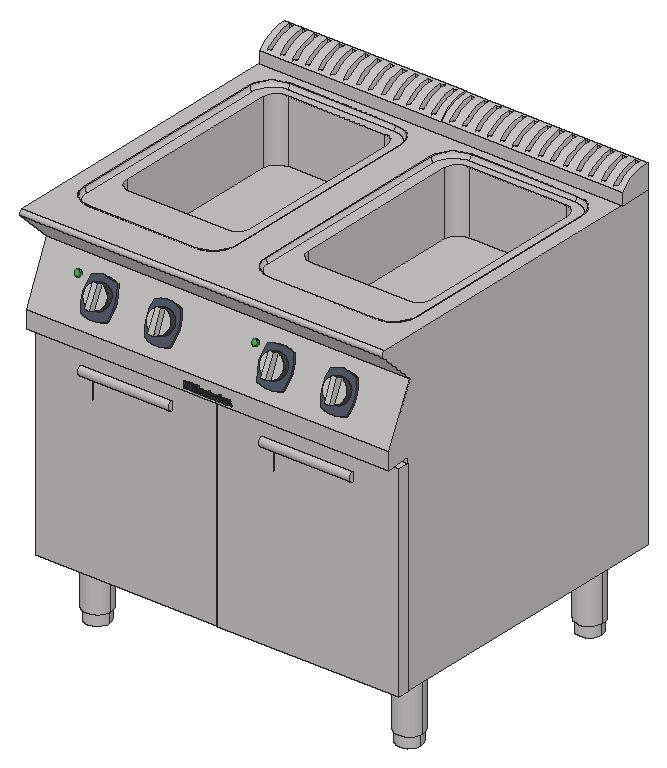
Revit family "QF_ELECTROLUXPROFESSIONAL_371442_E7OOBTBAMEI", category Attrezzature speciali, Revit 2018
Family settings
  Quota connettore circolare = Usa diametro
  Tipo di parte = Normale
  Basato su piano di lavoro = No
  Sempre verticale = Sì
  Taglio con vuoti quando caricato = No
  Condiviso = No
  Punto di calcolo locali = No
Parameters (values of type "Standard")
  Weight = 65.00 kg
  Watts = 0 W
  Volts = 0 V
  URL Manufacturer = "https://www.electroluxprofessional.com/"
  URL = "https://www.electroluxprofessional.com/"
  Steam Supply Size = 0"
  Steam Supply Minimum Pressure = 0.00 psi
  Steam Supply Maximum Pressure = 0.00 psi
  Steam Consumption per Hour = 0
  Show Logo [instance] = yes
  Show Clearance [instance] = yes
  Refrigeration Suction Line Size = 0 mm
  Refrigeration Liquid Line Size = 0 mm
  Refrigerant Compressor Remote = yes
  Phase = 0
  Modello = "E7OOBTBAMEI"
  Produttore = "Electrolux Professional"
  Length Actual = 800 mm  # constant formula
  Item Number = "371442"
  Hot Water Size = 0"
  Height Actual = 850 mm  # constant formula
  HP = "0 HP"
  Gas Size = 1/2"
  Gas KW = 23
  Gas Input Pressure = 0.672036 Btu/h
  Direct Waste Size = 1"
  Descrizione = "2-WELL GAS PASTA COOKER 2X24,5 LT 800MM - QMARK"
  Depth Actual = 730 mm  # constant formula
  Cycle = 0 Hz
  Condensate Return Size = 0"
  Compressed Air Volume = 0 GPM
  Compressed Air Size = 0"
  Compressed Air Pressure = 0.00 psi
  Cold Water Size = 1/2"
  Base Height [instance] = 150 mm  # constant formula
  Accessory = yes
Values of the unnamed type that differ from the named types
  Weight = 0.00 kg
  URL Manufacturer = ""
  Item Number = ""
  HP = ""
  Gas KW = 0
  Gas Input Pressure = 0.0 Btu/h
Reference planes
  plane 1 "BACK": y = 0
  plane 2: z = 0
  plane 3 "LEFT": x = 0
  plane 4 "RIGHT": x = 800
  plane 5 "FRONT": y = -730
  plane 6 "TOP": z = 905.238
  plane 7 "Center Y": x = 400
  plane 8 "Center X": y = -365
  plane 9 "BASE": z = 601
  plane 10 "TOP A": z = 850.238
  plane 11: y = -597.884
  plane 12: y = -147.637
  plane 13: z = 942.313
  plane 14: z = 150
Forms (mm)
  Extrusion 1, solid, material "QF_Finishes_Stainless Steel"
    sketch origin (0, 0, 0) x (0, 1, 0) y (0, 0, 1)
      loop
        line (0, 850.237) -> (-725.027, 850.237)
        arc (-725.027, 850.237) -> (-730.893, 846.318) -> (-729.517, 839.397) r 6.35
        line (-729.517, 839.397) -> (-657.416, 767.047) -> (-713.522, 646.19) -> (-713.522, 608.09) -> (-660.4, 613.7) -> (-660.4, 150) -> (0, 150) -> (0, 850.237)
      loop
        line (-661.987, 601) -> (-687.387, 601) -> (-687.387, 150) -> (-661.987, 150) -> (-661.987, 601)
    from 0 to 800
  Extrusion 2, solid, material "QF_Finishes_Stainless Steel"
    sketch origin (0, 0, 0) x (0, 1, 0) y (0, 0, 1)
      loop
        line (0, 850.237) -> (0, 905.237)
        arc (0, 905.237) -> (-38.078, 897.879) -> (-69.85, 875.637) r 93.057
        line (-69.85, 875.637) -> (-69.85, 850.237) -> (0, 850.237)
    from 0 to 800
  Extrusion 3, void
    sketch origin (0, 0, 850.238) x (-1, 0, 0) y (0, -1, 0)
      loop
        arc (-316.662, 645.265) -> (-352.018, 630.62) -> (-366.662, 595.265) r 50
        line (-366.662, 595.265) -> (-366.662, 140.124)
        arc (-366.662, 140.124) -> (-352.018, 104.769) -> (-316.662, 90.124) r 50
        line (-316.662, 90.124) -> (-83.338, 90.124)
        arc (-83.338, 90.124) -> (-47.982, 104.769) -> (-33.338, 140.124) r 50
        line (-33.338, 140.124) -> (-33.338, 595.265)
        arc (-33.338, 595.265) -> (-47.982, 630.62) -> (-83.338, 645.265) r 50
        line (-83.338, 645.265) -> (-316.662, 645.265)
      loop
        line (-483.337, 645.265) -> (-716.662, 645.265)
        arc (-716.662, 645.265) -> (-752.018, 630.62) -> (-766.662, 595.265) r 50
        line (-766.662, 595.265) -> (-766.662, 140.124)
        arc (-766.662, 140.124) -> (-752.018, 104.769) -> (-716.662, 90.124) r 50
        line (-716.662, 90.124) -> (-483.337, 90.124)
        arc (-483.337, 90.124) -> (-447.982, 104.769) -> (-433.337, 140.124) r 50
        line (-433.337, 140.124) -> (-433.337, 595.265)
        arc (-433.337, 595.265) -> (-447.982, 630.62) -> (-483.337, 645.265) r 50
    from 0 to -152.4
  Extrusion 4, void
    sketch origin (0, 0, 850.238) x (-1, 0, 0) y (0, -1, 0)
      loop
        line (-13.453, 6.761) -> (-13.453, 63.911) -> (-22.749, 63.911) -> (-22.749, 6.761) -> (-13.453, 6.761)
    from 25.4 to 63.5
  Extrusion 5, solid, material "QF_Finishes_Navy Blue"
    sketch origin (75, -713.522, 646.19) x (0, 0.421077, 0.907025) y (-1, 0, 0)
      loop
        arc (101.077, -565.788) -> (66.2, -558.771) -> (31.333, -565.832) r 89.894
        arc (31.333, -565.832) -> (24.638, -594.363) -> (31.333, -622.893) r 64.14
        arc (31.333, -622.893) -> (66.2, -629.955) -> (101.077, -622.938) r 89.894
        arc (101.077, -622.938) -> (107.792, -594.363) -> (101.077, -565.788) r 64.16
      loop
        arc (101.077, -176.921) -> (66.2, -169.907) -> (31.333, -176.965) r 89.935
        arc (31.333, -176.965) -> (24.618, -205.54) -> (31.333, -234.115) r 64.16
        arc (31.333, -234.115) -> (66.2, -241.17) -> (101.077, -234.16) r 89.976
        arc (101.077, -234.16) -> (107.812, -205.54) -> (101.077, -176.921) r 64.179
      loop
        arc (101.077, -425.788) -> (66.2, -418.771) -> (31.333, -425.832) r 89.894
        arc (31.333, -425.832) -> (24.638, -454.363) -> (31.333, -482.893) r 64.14
        arc (31.333, -482.893) -> (66.2, -489.955) -> (101.077, -482.938) r 89.894
        arc (101.077, -482.938) -> (107.792, -454.363) -> (101.077, -425.788) r 64.16
      loop
        arc (101.077, -36.921) -> (66.2, -29.904) -> (31.333, -36.965) r 89.894
        arc (31.333, -36.965) -> (24.638, -65.496) -> (31.333, -94.027) r 64.14
        arc (31.333, -94.027) -> (66.2, -101.092) -> (101.077, -94.071) r 89.853
        arc (101.077, -94.071) -> (107.792, -65.496) -> (101.077, -36.921) r 64.16
    from 0 to 3.175
  Extrusion 6, solid, material "QF_Finishes_Stainless Steel"
    sketch origin (75, -716.402, 647.527) x (0, 0.421077, 0.907025) y (-1, 0, 0)
      loop
        circle (68.826, -594.351) r 25.4
      loop
        circle (68.826, -205.413) r 25.4
      loop
        circle (68.826, -454.351) r 25.4
      loop
        circle (68.826, -65.528) r 25.4
    from 0 to 12.7
  Extrusion 7, solid, material "QF_Finishes_Stainless Steel"
    sketch origin (75, -727.921, 652.875) x (0, 0.421077, 0.907025) y (-1, 0, 0)
      loop
        arc (93.558, -600.137) -> (94.226, -594.351) -> (93.558, -588.564) r 25.4
        line (93.558, -588.564) -> (44.094, -588.564)
        arc (44.094, -588.564) -> (43.426, -594.351) -> (44.094, -600.137) r 25.4
        line (44.094, -600.137) -> (93.558, -600.137)
      loop
        arc (93.558, -211.199) -> (94.226, -205.413) -> (93.558, -199.627) r 25.4
        line (93.558, -199.627) -> (44.094, -199.627)
        arc (44.094, -199.627) -> (43.426, -205.413) -> (44.094, -211.199) r 25.4
        line (44.094, -211.199) -> (93.558, -211.199)
      loop
        arc (93.558, -460.137) -> (94.226, -454.351) -> (93.558, -448.564) r 25.4
        line (93.558, -448.564) -> (44.094, -448.564)
        arc (44.094, -448.564) -> (43.426, -454.351) -> (44.094, -460.137) r 25.4
        line (44.094, -460.137) -> (93.558, -460.137)
      loop
        arc (93.558, -71.314) -> (94.226, -65.528) -> (93.558, -59.742) r 25.4
        line (93.558, -59.742) -> (44.094, -59.742)
        arc (44.094, -59.742) -> (43.426, -65.528) -> (44.094, -71.314) r 25.4
        line (44.094, -71.314) -> (93.558, -71.314)
    from 0 to 12.7
  Extrusion 8, solid, material "QF_Finishes_Green"
    sketch origin (-55, -713.522, 646.19) x (0, 0.421077, 0.907025) y (-1, 0, 0)
      loop
        circle (93.566, -530.485) r 6.35
      loop
        circle (93.566, -138.473) r 6.35
    from 0 to 3.175
  Extrusion 9, solid, material "QF_Finishes_Clearance", visible <- "Show Clearance", detail levels coarse
    sketch origin (0, 0, 0) x (1, 0, 0) y (0, 1, 0)
      loop
        line (0, -731.377) -> (0, 0) -> (800, 0) -> (800, -731.377) -> (950.019, -731.377) -> (950.019, 150.019) -> (-150.019, 150.019) -> (-150.019, -731.377) -> (0, -731.377)
    from 0 to 905.237
  Extrusion 10, void
    sketch origin (361.95, 0, 850.237) x (-1, 0, 0) y (0, -1, 0)
      loop
        line (-13.403, 6.761) -> (-13.403, 63.911) -> (-22.699, 63.911) -> (-22.699, 6.761) -> (-13.403, 6.761)
    from 25.4 to 63.5
  Extrusion 11, void
    sketch origin (27.842, 0, 850.238) x (-1, 0, 0) y (0, -1, 0)
      loop
        line (-13.453, 6.761) -> (-13.453, 63.911) -> (-22.749, 63.911) -> (-22.749, 6.761) -> (-13.453, 6.761)
    from 25.4 to 63.5
  Extrusion 12, void
    sketch origin (55.685, 0, 850.238) x (-1, 0, 0) y (0, -1, 0)
      loop
        line (-13.453, 6.761) -> (-13.453, 63.911) -> (-22.749, 63.911) -> (-22.749, 6.761) -> (-13.453, 6.761)
    from 25.4 to 63.5
  Extrusion 13, void
    sketch origin (83.527, 0, 850.238) x (-1, 0, 0) y (0, -1, 0)
      loop
        line (-13.453, 6.761) -> (-13.453, 63.911) -> (-22.749, 63.911) -> (-22.749, 6.761) -> (-13.453, 6.761)
    from 25.4 to 63.5
  Extrusion 14, void
    sketch origin (111.369, 0, 850.237) x (-1, 0, 0) y (0, -1, 0)
      loop
        line (-13.453, 6.761) -> (-13.453, 63.911) -> (-22.749, 63.911) -> (-22.749, 6.761) -> (-13.453, 6.761)
    from 25.4 to 63.5
  Extrusion 15, void
    sketch origin (139.212, 0, 850.237) x (-1, 0, 0) y (0, -1, 0)
      loop
        line (-13.453, 6.761) -> (-13.453, 63.911) -> (-22.749, 63.911) -> (-22.749, 6.761) -> (-13.453, 6.761)
    from 25.4 to 63.5
  Extrusion 16, void
    sketch origin (167.054, 0, 850.237) x (-1, 0, 0) y (0, -1, 0)
      loop
        line (-13.453, 6.761) -> (-13.453, 63.911) -> (-22.749, 63.911) -> (-22.749, 6.761) -> (-13.453, 6.761)
    from 25.4 to 63.5
  Extrusion 17, void
    sketch origin (194.896, 0, 850.237) x (-1, 0, 0) y (0, -1, 0)
      loop
        line (-13.403, 6.761) -> (-13.403, 63.911) -> (-22.699, 63.911) -> (-22.699, 6.761) -> (-13.403, 6.761)
    from 25.4 to 63.5
  Extrusion 18, void
    sketch origin (222.738, 0, 850.237) x (-1, 0, 0) y (0, -1, 0)
      loop
        line (-13.403, 6.761) -> (-13.403, 63.911) -> (-22.699, 63.911) -> (-22.699, 6.761) -> (-13.403, 6.761)
    from 25.4 to 63.5
  Extrusion 19, void
    sketch origin (250.581, 0, 850.237) x (-1, 0, 0) y (0, -1, 0)
      loop
        line (-13.403, 6.761) -> (-13.403, 63.911) -> (-22.699, 63.911) -> (-22.699, 6.761) -> (-13.403, 6.761)
    from 25.4 to 63.5
  Extrusion 20, void
    sketch origin (278.423, 0, 850.237) x (-1, 0, 0) y (0, -1, 0)
      loop
        line (-13.403, 6.761) -> (-13.403, 63.911) -> (-22.699, 63.911) -> (-22.699, 6.761) -> (-13.403, 6.761)
    from 25.4 to 63.5
  Extrusion 21, void
    sketch origin (306.265, 0, 850.237) x (-1, 0, 0) y (0, -1, 0)
      loop
        line (-13.403, 6.761) -> (-13.403, 63.911) -> (-22.699, 63.911) -> (-22.699, 6.761) -> (-13.403, 6.761)
    from 25.4 to 63.5
  Extrusion 22, void
    sketch origin (334.108, 0, 850.237) x (-1, 0, 0) y (0, -1, 0)
      loop
        line (-13.403, 6.761) -> (-13.403, 63.911) -> (-22.699, 63.911) -> (-22.699, 6.761) -> (-13.403, 6.761)
    from 25.4 to 63.5
  Extrusion 23, void
    sketch origin (800.1, 0, 850.237) x (1, 0, 0) y (0, 1, 0)
      loop
        line (-13.553, -6.761) -> (-22.849, -6.761) -> (-22.849, -63.911) -> (-13.553, -63.911) -> (-13.553, -6.761)
    from 25.4 to 63.5
  Extrusion 24, void
    sketch origin (438.15, 0, 850.237) x (1, 0, 0) y (0, 1, 0)
      loop
        line (-13.503, -6.761) -> (-22.799, -6.761) -> (-22.799, -63.911) -> (-13.503, -63.911) -> (-13.503, -6.761)
    from 25.4 to 63.5
  Extrusion 25, void
    sketch origin (772.258, 0, 850.237) x (1, 0, 0) y (0, 1, 0)
      loop
        line (-13.553, -6.761) -> (-22.849, -6.761) -> (-22.849, -63.911) -> (-13.553, -63.911) -> (-13.553, -6.761)
    from 25.4 to 63.5
  Extrusion 26, void
    sketch origin (744.415, 0, 850.237) x (1, 0, 0) y (0, 1, 0)
      loop
        line (-13.553, -6.761) -> (-22.849, -6.761) -> (-22.849, -63.911) -> (-13.553, -63.911) -> (-13.553, -6.761)
    from 25.4 to 63.5
  Extrusion 27, void
    sketch origin (716.573, 0, 850.237) x (1, 0, 0) y (0, 1, 0)
      loop
        line (-13.553, -6.761) -> (-22.849, -6.761) -> (-22.849, -63.911) -> (-13.553, -63.911) -> (-13.553, -6.761)
    from 25.4 to 63.5
  Extrusion 28, void
    sketch origin (688.731, 0, 850.237) x (1, 0, 0) y (0, 1, 0)
      loop
        line (-13.553, -6.761) -> (-22.849, -6.761) -> (-22.849, -63.911) -> (-13.553, -63.911) -> (-13.553, -6.761)
    from 25.4 to 63.5
  Extrusion 29, void
    sketch origin (660.888, 0, 850.237) x (1, 0, 0) y (0, 1, 0)
      loop
        line (-13.553, -6.761) -> (-22.849, -6.761) -> (-22.849, -63.911) -> (-13.553, -63.911) -> (-13.553, -6.761)
    from 25.4 to 63.5
  Extrusion 30, void
    sketch origin (633.046, 0, 850.237) x (1, 0, 0) y (0, 1, 0)
      loop
        line (-13.553, -6.761) -> (-22.849, -6.761) -> (-22.849, -63.911) -> (-13.553, -63.911) -> (-13.553, -6.761)
    from 25.4 to 63.5
  Extrusion 31, void
    sketch origin (605.204, 0, 850.237) x (1, 0, 0) y (0, 1, 0)
      loop
        line (-13.503, -6.761) -> (-22.799, -6.761) -> (-22.799, -63.911) -> (-13.503, -63.911) -> (-13.503, -6.761)
    from 25.4 to 63.5
  Extrusion 32, void
    sketch origin (577.362, 0, 850.237) x (1, 0, 0) y (0, 1, 0)
      loop
        line (-13.503, -6.761) -> (-22.799, -6.761) -> (-22.799, -63.911) -> (-13.503, -63.911) -> (-13.503, -6.761)
    from 25.4 to 63.5
  Extrusion 33, void
    sketch origin (549.519, 0, 850.237) x (1, 0, 0) y (0, 1, 0)
      loop
        line (-13.503, -6.761) -> (-22.799, -6.761) -> (-22.799, -63.911) -> (-13.503, -63.911) -> (-13.503, -6.761)
    from 25.4 to 63.5
  Extrusion 34, void
    sketch origin (521.677, 0, 850.237) x (1, 0, 0) y (0, 1, 0)
      loop
        line (-13.503, -6.761) -> (-22.799, -6.761) -> (-22.799, -63.911) -> (-13.503, -63.911) -> (-13.503, -6.761)
    from 25.4 to 63.5
  Extrusion 35, void
    sketch origin (493.835, 0, 850.237) x (1, 0, 0) y (0, 1, 0)
      loop
        line (-13.503, -6.761) -> (-22.799, -6.761) -> (-22.799, -63.911) -> (-13.503, -63.911) -> (-13.503, -6.761)
    from 25.4 to 63.5
  Extrusion 36, void
    sketch origin (465.992, 0, 850.237) x (1, 0, 0) y (0, 1, 0)
      loop
        line (-13.503, -6.761) -> (-22.799, -6.761) -> (-22.799, -63.911) -> (-13.503, -63.911) -> (-13.503, -6.761)
    from 25.4 to 63.5
  Extrusion 37, void
    sketch origin (418.151, 0, 850.237) x (1, 0, 0) y (0, 1, 0)
      loop
        line (-16.563, 0) -> (-19.738, 0) -> (-19.738, -69.85) -> (-16.563, -69.85) -> (-16.563, 0)
    from 25.4 to 63.5
  Extrusion 38, void
    sketch origin (0, -660.4, 601) x (0, 0, 1) y (-1, 0, 0)
      loop
        line (0, -398.363) -> (-451, -398.363) -> (-451, -401.538) -> (0, -401.538) -> (0, -398.363)
    from 0 to 27
  Extrusion 39, void
    sketch origin (200.025, 0, 0) x (0, 1, 0) y (0, 0, 1)
      loop
        line (-687.137, 541) -> (-687.137, 499.788) -> (-672.137, 541) -> (-687.137, 541)
    from -75 to 75
  Extrusion 40, solid, material "QF_Finishes_Stainless Steel"
    sketch origin (200.025, 0, 0) x (0, 1, 0) y (0, 0, 1)
      loop
        line (-687.137, 541) -> (-687.137, 561)
        arc (-687.137, 561) -> (-697.137, 551) -> (-687.137, 541) r 10
    from -100 to 100
  Extrusion 41, void
    sketch origin (600.075, 0, 0) x (0, 1, 0) y (0, 0, -1)
      loop
        line (-687.137, -541) -> (-672.137, -541) -> (-687.137, -499.788) -> (-687.137, -541)
    from -75 to 75
  Extrusion 42, solid, material "QF_Finishes_Stainless Steel"
    sketch origin (600.075, 0, 0) x (0, 1, 0) y (0, 0, -1)
      loop
        arc (-687.137, -541) -> (-697.137, -551) -> (-687.137, -561) r 10
        line (-687.137, -561) -> (-687.137, -541)
    from -100 to 100
  Revolve 43, solid, material "QF_Finishes_Stainless Steel"
    sketch origin (0, -587.387, 608.09) x (0, 0, 1) y (-1, 0, 0)
      loop
        line (-608.09, -56) -> (-458.09, -56) -> (-458.09, -26) -> (-583.09, -26) -> (-583.09, -29.75) -> (-608.09, -29.75) -> (-608.09, -56)
      axis (-608.09, -56) -> (-458.09, -56)
    angle from 0 to 360
  Revolve 44, solid, material "QF_Finishes_Stainless Steel"
    sketch origin (0, -90, 608.09) x (0, 0, 1) y (-1, 0, 0)
      loop
        line (-608.09, -56) -> (-458.09, -56) -> (-458.09, -26) -> (-583.09, -26) -> (-583.09, -29.75) -> (-608.09, -29.75) -> (-608.09, -56)
      axis (-608.09, -56) -> (-458.09, -56)
    angle from 0 to 360
  Revolve 45, solid, material "QF_Finishes_Stainless Steel"
    sketch origin (800.1, -587.387, 608.09) x (0, 0, 1) y (-1, 0, 0)
      loop
        line (-608.09, 56.1) -> (-608.09, 29.85) -> (-583.09, 29.85) -> (-583.09, 26.1) -> (-458.09, 26.1) -> (-458.09, 56.1) -> (-608.09, 56.1)
      axis (-608.09, 56.1) -> (-458.09, 56.1)
    angle from 0 to 360
  Revolve 46, solid, material "QF_Finishes_Stainless Steel"
    sketch origin (800.1, -90, 608.09) x (0, 0, 1) y (-1, 0, 0)
      loop
        line (-608.09, 56.1) -> (-608.09, 29.85) -> (-583.09, 29.85) -> (-583.09, 26.1) -> (-458.09, 26.1) -> (-458.09, 56.1) -> (-608.09, 56.1)
      axis (-608.09, 56.1) -> (-458.09, 56.1)
    angle from 0 to 360
  Extrusion 47, solid, material "QF_Finishes_Door Clearance", visible <- "Show Clearance", detail levels coarse
    sketch origin (0, 0, 850.238) x (-1, 0, 0) y (0, -1, 0)
      loop
        arc (-401.587, 687.137) -> (-518.28, 968.858) -> (-800, 1085.55) r 398.413
        line (-800, 1085.55) -> (-800, 687.137) -> (-401.587, 687.137)
      loop
        line (-398.412, 687.138) -> (0, 687.137) -> (0, 1085.55)
        arc (0, 1085.55) -> (-281.72, 968.858) -> (-398.412, 687.138) r 398.412
    from -700.237 to -249.237
  Extrusion 48, solid, material "QF_Finishes_Stainless Steel"
    sketch origin (-77.88, -4572, 150) x (-1, 0, 0) y (0, -1, 0)
      loop
        circle (-142.88, -4069) r 6.35
      loop
        circle (-709.88, -3991) r 12.7
      loop
        circle (-812.88, -4071) r 6.35
      loop
        circle (-309.88, -3991) r 12.7
    from 0 to -12.7
  Extrusion 49, solid, material "QF_Finishes_Stainless Steel"
    sketch origin (-77.88, -4572, 850.238) x (-1, 0, 0) y (0, -1, 0)
      loop
        line (-111.217, -4431.876) -> (-111.217, -3976.735)
        arc (-111.217, -3976.735) -> (-125.862, -3941.38) -> (-161.217, -3926.735) r 50
        line (-161.217, -3926.735) -> (-394.542, -3926.735)
        arc (-394.542, -3926.735) -> (-429.897, -3941.38) -> (-444.542, -3976.735) r 50
        line (-444.542, -3976.735) -> (-444.542, -4431.876)
        arc (-444.542, -4431.876) -> (-429.897, -4467.231) -> (-394.542, -4481.876) r 50
        line (-394.542, -4481.876) -> (-161.217, -4481.876)
        arc (-161.217, -4481.876) -> (-125.862, -4467.231) -> (-111.217, -4431.876) r 50
      loop
        arc (-414.542, -4431.876) -> (-405.755, -4453.089) -> (-384.542, -4461.876) r 30
        line (-384.542, -4461.876) -> (-171.217, -4461.876)
        arc (-171.217, -4461.876) -> (-150.004, -4453.089) -> (-141.217, -4431.876) r 30
        line (-141.217, -4431.876) -> (-141.217, -4056.735)
        arc (-141.217, -4056.735) -> (-150.004, -4035.522) -> (-171.217, -4026.735) r 30
        line (-171.217, -4026.735) -> (-384.542, -4026.735)
        arc (-384.542, -4026.735) -> (-405.755, -4035.522) -> (-414.542, -4056.735) r 30
        line (-414.542, -4056.735) -> (-414.542, -4431.876)
      loop
        arc (-844.542, -4431.876) -> (-829.897, -4467.231) -> (-794.542, -4481.876) r 50
        line (-794.542, -4481.876) -> (-561.217, -4481.876)
        arc (-561.217, -4481.876) -> (-525.862, -4467.231) -> (-511.217, -4431.876) r 50
        line (-511.217, -4431.876) -> (-511.217, -3976.735)
        arc (-511.217, -3976.735) -> (-525.862, -3941.38) -> (-561.217, -3926.735) r 50
        line (-561.217, -3926.735) -> (-794.542, -3926.735)
        arc (-794.542, -3926.735) -> (-829.897, -3941.38) -> (-844.542, -3976.735) r 50
        line (-844.542, -3976.735) -> (-844.542, -4431.876)
      loop
        line (-541.217, -4431.876) -> (-541.217, -4056.735)
        arc (-541.217, -4056.735) -> (-550.004, -4035.522) -> (-571.217, -4026.735) r 30
        line (-571.217, -4026.735) -> (-784.542, -4026.735)
        arc (-784.542, -4026.735) -> (-805.755, -4035.522) -> (-814.542, -4056.735) r 30
        line (-814.542, -4056.735) -> (-814.542, -4431.876)
        arc (-814.542, -4431.876) -> (-805.755, -4453.089) -> (-784.542, -4461.876) r 30
        line (-784.542, -4461.876) -> (-571.217, -4461.876)
        arc (-571.217, -4461.876) -> (-550.004, -4453.089) -> (-541.217, -4431.876) r 30
    from -12.7 to -152.4
  Sweep 50, solid, material "QF_Finishes_Stainless Steel"
    path origin (-77.88, -4572, 850.238) x (-1, 0, 0) y (0, -1, 0)
      loop
        line (-111.217, -4431.876) -> (-111.217, -3976.735)
        arc (-111.217, -3976.735) -> (-125.862, -3941.38) -> (-161.217, -3926.735) r 50
        line (-161.217, -3926.735) -> (-394.542, -3926.735)
        arc (-394.542, -3926.735) -> (-429.897, -3941.38) -> (-444.542, -3976.735) r 50
        line (-444.542, -3976.735) -> (-444.542, -4431.876)
        arc (-444.542, -4431.876) -> (-429.897, -4467.231) -> (-394.542, -4481.876) r 50
        line (-394.542, -4481.876) -> (-161.217, -4481.876)
        arc (-161.217, -4481.876) -> (-125.862, -4467.231) -> (-111.217, -4431.876) r 50
    profile origin (33.338, -367.694, 850.238) x (1, 0, 0) y (0, 0, 1)
      loop
        line (0, 0) -> (0, -10.84) -> (5.055, -10.84)
        arc (5.055, -10.84) -> (1.326, -5.98) -> (0, 0) r 14.151
  Sweep 51, solid, material "QF_Finishes_Stainless Steel"
    path origin (877.98, -4572, 850.237) x (1, 0, 0) y (0, 1, 0)
      loop
        arc (-111.317, 4431.876) -> (-125.962, 4467.231) -> (-161.317, 4481.876) r 50
        line (-161.317, 4481.876) -> (-394.642, 4481.876)
        arc (-394.642, 4481.876) -> (-429.997, 4467.231) -> (-444.642, 4431.876) r 50
        line (-444.642, 4431.876) -> (-444.642, 3976.735)
        arc (-444.642, 3976.735) -> (-429.997, 3941.38) -> (-394.642, 3926.735) r 50
        line (-394.642, 3926.735) -> (-161.317, 3926.735)
        arc (-161.317, 3926.735) -> (-125.962, 3941.38) -> (-111.317, 3976.735) r 50
        line (-111.317, 3976.735) -> (-111.317, 4431.876)
    profile origin (766.662, -367.694, 850.237) x (1, 0, 0) y (0, 0, 1)
      loop
        arc (0, 0) -> (-1.326, -5.98) -> (-5.055, -10.84) r 14.151
        line (-5.055, -10.84) -> (0, -10.84) -> (0, 0)
  Extrusion 52, solid, material "QF_Finishes_Navy Blue", visible <- "Show Logo"
    sketch origin (60.791, -713.772, 608.09) x (0, 0, 1) y (-1, 0, 0)
      loop
        line (20.674, -296.698) -> (8.307, -296.698)
        arc (8.307, -296.698) -> (14.491, -301.27) -> (20.674, -296.698) r 6.467
      loop
        arc (20.674, -296.069) -> (19.505, -290.926) -> (14.849, -288.448) r 6.338
        line (14.849, -288.448) -> (14.849, -290.494)
        arc (14.849, -290.494) -> (16.333, -294.149) -> (19.778, -296.069) r 5.941
        line (19.778, -296.069) -> (20.674, -296.069)
      loop
        arc (9.203, -296.069) -> (12.648, -294.149) -> (14.132, -290.494) r 5.941
        line (14.132, -290.494) -> (14.132, -288.448)
        arc (14.132, -288.448) -> (9.438, -290.922) -> (8.148, -296.069) r 6.504
        line (8.148, -296.069) -> (9.203, -296.069)
      loop
        line (21.349, -287.979) -> (7.604, -287.979) -> (7.604, -301.742) -> (21.349, -301.742) -> (21.349, -287.979)
      loop
        arc (21.432, -304.71) -> (21.085, -304.352) -> (20.718, -304.69) r 0.358
        arc (20.718, -304.69) -> (20.404, -305.44) -> (19.687, -305.825) r 1.216
        line (19.687, -305.825) -> (9.274, -305.825)
        arc (9.274, -305.825) -> (8.614, -305.548) -> (8.218, -304.951) r 1.238
        arc (8.218, -304.951) -> (7.823, -304.7) -> (7.518, -305.054) r 0.358
        line (7.518, -305.054) -> (7.518, -314.933) -> (10.269, -314.933) -> (10.269, -314.036)
        arc (10.269, -314.036) -> (9.36, -313.456) -> (8.904, -312.479) r 1.928
        line (8.904, -312.479) -> (8.904, -309.98)
        arc (8.904, -309.98) -> (9.18, -309.251) -> (9.868, -308.887) r 1.101
        line (9.868, -308.887) -> (13.955, -308.887) -> (13.955, -312.561)
        arc (13.955, -312.561) -> (13.602, -313.058) -> (13.037, -313.286) r 1.083
        arc (13.037, -313.286) -> (12.773, -313.591) -> (13.065, -313.869) r 0.292
        line (13.065, -313.869) -> (16.028, -313.869)
        arc (16.028, -313.869) -> (16.33, -313.596) -> (16.092, -313.266) r 0.305
        arc (16.092, -313.266) -> (15.601, -313.018) -> (15.296, -312.561) r 1.083
        line (15.296, -312.561) -> (15.296, -308.887) -> (19.973, -308.887) -> (19.973, -312.635)
        arc (19.973, -312.635) -> (19.759, -313.39) -> (19.153, -313.888) r 1.314
        arc (19.153, -313.888) -> (18.934, -314.292) -> (19.288, -314.585) r 0.361
        line (19.288, -314.585) -> (21.432, -314.585) -> (21.432, -304.71)
      loop
        arc (20.715, -315.365) -> (20.335, -316.284) -> (19.416, -316.664) r 1.299
        line (19.416, -316.664) -> (9.837, -316.664)
        arc (9.837, -316.664) -> (8.999, -316.286) -> (8.728, -315.408) r 1.118
        line (8.728, -315.408) -> (7.518, -315.408) -> (7.518, -320.758) -> (8.706, -320.758)
        arc (8.706, -320.758) -> (8.978, -319.841) -> (9.848, -319.445) r 1.153
        line (9.848, -319.445) -> (21.92, -319.445) -> (20.715, -315.365)
      loop
        line (12.483, -323.394) -> (12.483, -329.842) -> (13.282, -329.842)
        arc (13.282, -329.842) -> (15.862, -328.857) -> (17.131, -326.404) r 3.874
        line (17.131, -326.404) -> (17.131, -324.643)
        arc (17.131, -324.643) -> (15.944, -321.778) -> (13.08, -320.592) r 4.051
        line (13.08, -320.592) -> (11.072, -320.592)
        arc (11.072, -320.592) -> (8.253, -322.077) -> (7.202, -325.084) r 4.352
        arc (7.202, -325.084) -> (7.566, -327.547) -> (8.943, -329.621) r 5.713
        line (8.943, -329.621) -> (9.892, -329.621)
        arc (9.892, -329.621) -> (9.16, -328.052) -> (8.943, -326.334) r 5.579
        arc (8.943, -326.334) -> (9.737, -324.371) -> (11.616, -323.394) r 3.057
        line (11.616, -323.394) -> (12.483, -323.394)
      loop
        line (13.742, -323.394) -> (13.742, -326.977)
        arc (13.742, -326.977) -> (15.199, -327.024) -> (16.082, -325.864) r 1.59
        line (16.082, -325.864) -> (16.082, -325.034)
        arc (16.082, -325.034) -> (15.217, -323.779) -> (13.742, -323.394) r 2.184
      loop
        arc (16.533, -339.259) -> (17.022, -337.585) -> (17.179, -335.848) r 9.023
        line (17.179, -335.848) -> (17.179, -334.486)
        arc (17.179, -334.486) -> (16.02, -331.686) -> (13.22, -330.527) r 3.959
        line (13.22, -330.527) -> (10.62, -330.527)
        arc (10.62, -330.527) -> (8.338, -331.819) -> (7.221, -334.192) r 4.331
        line (7.221, -334.192) -> (7.221, -336.327)
        arc (7.221, -336.327) -> (7.729, -337.877) -> (8.651, -339.223) r 5.772
        arc (8.651, -339.223) -> (9.412, -339.274) -> (9.499, -338.515) r 0.553
        arc (9.499, -338.515) -> (9.111, -337.781) -> (8.977, -336.962) r 2.573
        line (8.977, -336.962) -> (8.977, -335.447)
        arc (8.977, -335.447) -> (9.983, -333.806) -> (11.798, -333.163) r 2.884
        line (11.798, -333.163) -> (13.077, -333.163)
        arc (13.077, -333.163) -> (14.898, -333.723) -> (15.824, -335.388) r 2.554
        line (15.824, -335.388) -> (15.824, -336.441)
        arc (15.824, -336.441) -> (15.493, -337.369) -> (14.836, -338.104) r 2.564
        arc (14.836, -338.104) -> (14.614, -338.821) -> (15.223, -339.259) r 0.643
        line (15.223, -339.259) -> (16.533, -339.259)
      loop
        line (15.515, -339.53) -> (15.515, -341.031) -> (9.467, -341.031)
        arc (9.467, -341.031) -> (7.879, -341.688) -> (7.221, -343.276) r 2.246
        line (7.221, -343.276) -> (7.221, -344.86)
        arc (7.221, -344.86) -> (7.535, -345.725) -> (8.035, -346.496) r 4.06
        arc (8.035, -346.496) -> (8.768, -346.629) -> (9.019, -345.928) r 0.576
        arc (9.019, -345.928) -> (8.913, -345.403) -> (8.977, -344.87) r 1.69
        arc (8.977, -344.87) -> (9.519, -344.082) -> (10.425, -343.779) r 1.506
        line (10.425, -343.779) -> (15.563, -343.779) -> (15.563, -346.176) -> (16.119, -346.733) -> (16.941, -346.733) -> (16.941, -343.873) -> (20.172, -343.873) -> (15.515, -339.53)
      loop
        line (7.438, -347.63) -> (7.438, -353.017) -> (8.548, -353.017)
        arc (8.548, -353.017) -> (8.942, -352.066) -> (9.893, -351.672) r 1.345
        line (9.893, -351.672) -> (13.509, -351.672)
        arc (13.509, -351.672) -> (14.274, -352.264) -> (14.564, -353.186) r 1.615
        line (14.564, -353.186) -> (14.564, -354.742) -> (17.119, -355.427) -> (17.119, -354.044) -> (15.177, -351.485) -> (17.057, -351.485) -> (16.773, -348.779)
        arc (16.773, -348.779) -> (16.333, -348.249) -> (15.674, -348.45) r 0.621
        arc (15.674, -348.45) -> (15.274, -348.792) -> (14.78, -348.975) r 1.501
        line (14.78, -348.975) -> (9.893, -348.975)
        arc (9.893, -348.975) -> (8.942, -348.581) -> (8.548, -347.63) r 1.345
        line (8.548, -347.63) -> (7.438, -347.63)
      loop
        line (13.54, -354.964) -> (10.848, -354.964)
        arc (10.848, -354.964) -> (8.403, -356.272) -> (7.269, -358.803) r 4.288
        arc (7.269, -358.803) -> (7.205, -360.183) -> (7.269, -361.563) r 15.022
        arc (7.269, -361.563) -> (8.403, -364.094) -> (10.848, -365.401) r 4.288
        line (10.848, -365.401) -> (13.54, -365.401)
        arc (13.54, -365.401) -> (15.986, -364.094) -> (17.119, -361.563) r 4.288
        arc (17.119, -361.563) -> (17.183, -360.183) -> (17.119, -358.803) r 15.022
        arc (17.119, -358.803) -> (15.986, -356.272) -> (13.54, -354.964) r 4.288
      loop
        line (13.745, -358.078) -> (10.643, -358.078)
        arc (10.643, -358.078) -> (8.486, -360.235) -> (10.643, -362.392) r 2.157
        line (10.643, -362.392) -> (13.745, -362.392)
        arc (13.745, -362.392) -> (15.902, -360.235) -> (13.745, -358.078) r 2.157
      loop
        arc (20.726, -365.26) -> (20.355, -366.154) -> (19.461, -366.524) r 1.264
        line (19.461, -366.524) -> (9.597, -366.524)
        arc (9.597, -366.524) -> (8.727, -366.127) -> (8.455, -365.211) r 1.153
        line (8.455, -365.211) -> (7.518, -365.211) -> (7.518, -370.319) -> (8.446, -370.319)
        arc (8.446, -370.319) -> (8.805, -369.547) -> (9.597, -369.232) r 1.153
        line (9.597, -369.232) -> (21.92, -369.232) -> (20.726, -365.26)
      loop
        arc (15.846, -369.857) -> (15.647, -370.921) -> (14.678, -371.403) r 1.215
        line (14.678, -371.403) -> (9.658, -371.403)
        arc (9.658, -371.403) -> (8.043, -372.051) -> (7.322, -373.634) r 2.338
        line (7.322, -373.634) -> (7.322, -375.148)
        arc (7.322, -375.148) -> (7.497, -376.152) -> (7.999, -377.038) r 2.979
        line (7.999, -377.038) -> (7.518, -378.835) -> (7.518, -380.524) -> (16.943, -380.524) -> (16.649, -376.32) -> (15.863, -376.32)
        arc (15.863, -376.32) -> (15.507, -377.156) -> (14.755, -377.665) r 1.605
        line (14.755, -377.665) -> (9.652, -377.665)
        arc (9.652, -377.665) -> (9.232, -376.728) -> (9.159, -375.704) r 2.94
        arc (9.159, -375.704) -> (9.72, -374.603) -> (10.873, -374.16) r 1.724
        line (10.873, -374.16) -> (17.07, -374.16) -> (15.846, -369.857)
      loop
        line (16.874, -381.377) -> (15.202, -383.423) -> (12.028, -385.729) -> (8.572, -382.617)
        arc (8.572, -382.617) -> (8.335, -382.223) -> (8.357, -381.764) r 0.789
        line (8.357, -381.764) -> (7.518, -381.764) -> (7.518, -385.309) -> (8.344, -385.309)
        arc (8.344, -385.309) -> (8.686, -384.947) -> (9.176, -385.039) r 0.52
        line (9.176, -385.039) -> (10.976, -386.51) -> (8.858, -387.886)
        arc (8.858, -387.886) -> (8.457, -387.576) -> (8.37, -387.076) r 0.7
        line (8.37, -387.076) -> (7.518, -387.076) -> (7.518, -393.003) -> (8.405, -393.003)
        arc (8.405, -393.003) -> (8.472, -392.344) -> (8.866, -391.813) r 1.247
        line (8.866, -391.813) -> (13.066, -388.532) -> (15.513, -390.585) -> (16.874, -392.327) -> (16.874, -388.604) -> (15.389, -389.026) -> (13.868, -387.749) -> (15.568, -386.559) -> (16.874, -387.336) -> (16.874, -381.377)
    from 0 to 1.644
Cuts and joins
  Extrusion 3, Extrusion 4, Extrusion 38, Extrusion 39, Extrusion 41 cuts Extrusion 1
  Extrusion 4, Extrusion 10, Extrusion 11, Extrusion 12, Extrusion 13, Extrusion 14, Extrusion 15, Extrusion 16, Extrusion 17, Extrusion 18, Extrusion 19, Extrusion 20, Extrusion 21, Extrusion 22, Extrusion 23, Extrusion 24, Extrusion 25, Extrusion 26, Extrusion 27, Extrusion 28, Extrusion 29, Extrusion 30, Extrusion 31, Extrusion 32, Extrusion 33, Extrusion 34, Extrusion 35, Extrusion 36, Extrusion 37 cuts Extrusion 2
  joined: Extrusion 6, Extrusion 7
  Extrusion 10, Extrusion 11, Extrusion 12, Extrusion 13, Extrusion 14, Extrusion 15, Extrusion 16, Extrusion 17, Extrusion 18, Extrusion 19, Extrusion 20, Extrusion 21, Extrusion 22, Extrusion 23, Extrusion 24, Extrusion 25, Extrusion 26, Extrusion 27, Extrusion 28, Extrusion 29, Extrusion 30, Extrusion 31, Extrusion 32, Extrusion 33, Extrusion 34, Extrusion 35, Extrusion 36, Extrusion 37, Extrusion 39, Extrusion 41 cuts Extrusion 9
  Extrusion 39, Extrusion 41 cuts Extrusion 40
  Extrusion 41 cuts Extrusion 42
Lines and regions (mm)
  symbolic lines, style "QF-Clearances", visible <- "Show Clearance", detail levels coarse
    curve 1: line (-150.019, 150.019, 850.238) -> (-150.019, -731.377, 850.238)
    curve 2: line (950.019, 150.019, 850.237) -> (-150.019, 150.019, 850.238)
    curve 3: line (950.019, -731.377, 850.237) -> (950.019, 150.019, 850.237)
  symbolic lines
    curve 4: line (0, 0, 850.238) -> (800, 0, 850.237)
    curve 5: line (0, -730, 850.238) -> (0, 0, 850.238)
    curve 6: line (800, -730, 850.237) -> (0, -730, 850.238)
    curve 7: line (800, 0, 850.237) -> (800, -730, 850.237)
    curve 8: line (22.699, -6.761, 850.238) -> (22.699, -63.911, 850.238)
    curve 9: line (13.403, -63.911, 850.238) -> (13.403, -6.761, 850.238)
    curve 10: line (13.403, -6.761, 850.238) -> (22.699, -6.761, 850.238)
    curve 11: line (0, -69.85, 850.238) -> (398.413, -69.85, 850.237)
    curve 12: line (384.649, -6.761, 850.237) -> (384.649, -63.911, 850.237)
    curve 13: line (375.353, -63.911, 850.237) -> (375.353, -6.761, 850.237)
    curve 14: line (375.353, -6.761, 850.237) -> (384.649, -6.761, 850.237)
    curve 15: line (50.541, -6.761, 850.238) -> (50.541, -63.911, 850.238)
    curve 16: line (41.245, -63.911, 850.238) -> (41.245, -6.761, 850.238)
    curve 17: line (41.245, -6.761, 850.238) -> (50.541, -6.761, 850.238)
    curve 18: line (78.383, -6.761, 850.238) -> (78.383, -63.911, 850.238)
    curve 19: line (69.087, -63.911, 850.238) -> (69.087, -6.761, 850.238)
    curve 20: line (69.087, -6.761, 850.238) -> (78.383, -6.761, 850.238)
    curve 21: line (106.225, -6.761, 850.237) -> (106.225, -63.911, 850.237)
    curve 22: line (96.93, -63.911, 850.238) -> (96.93, -6.761, 850.238)
    curve 23: line (96.93, -6.761, 850.238) -> (106.225, -6.761, 850.237)
    curve 24: line (134.068, -6.761, 850.237) -> (134.068, -63.911, 850.237)
    curve 25: line (124.772, -63.911, 850.237) -> (124.772, -6.761, 850.237)
    curve 26: line (124.772, -6.761, 850.237) -> (134.068, -6.761, 850.237)
    curve 27: line (161.91, -6.761, 850.237) -> (161.91, -63.911, 850.237)
    curve 28: line (152.614, -63.911, 850.237) -> (152.614, -6.761, 850.237)
    curve 29: line (152.614, -6.761, 850.237) -> (161.91, -6.761, 850.237)
    curve 30: line (189.752, -6.761, 850.237) -> (189.752, -63.911, 850.237)
    curve 31: line (180.457, -63.911, 850.237) -> (180.457, -6.761, 850.237)
    curve 32: line (180.457, -6.761, 850.237) -> (189.752, -6.761, 850.237)
    curve 33: line (217.595, -6.761, 850.237) -> (217.595, -63.911, 850.237)
    curve 34: line (208.299, -63.911, 850.237) -> (208.299, -6.761, 850.237)
    curve 35: line (208.299, -6.761, 850.237) -> (217.595, -6.761, 850.237)
    curve 36: line (245.437, -6.761, 850.237) -> (245.437, -63.911, 850.237)
    curve 37: line (236.141, -63.911, 850.237) -> (236.141, -6.761, 850.237)
    curve 38: line (236.141, -6.761, 850.237) -> (245.437, -6.761, 850.237)
    curve 39: line (273.279, -6.761, 850.237) -> (273.279, -63.911, 850.237)
    curve 40: line (263.984, -63.911, 850.237) -> (263.984, -6.761, 850.237)
    curve 41: line (263.984, -6.761, 850.237) -> (273.279, -6.761, 850.237)
    curve 42: line (301.122, -6.761, 850.237) -> (301.122, -63.911, 850.237)
    curve 43: line (291.826, -63.911, 850.237) -> (291.826, -6.761, 850.237)
    curve 44: line (291.826, -6.761, 850.237) -> (301.122, -6.761, 850.237)
    curve 45: line (328.964, -6.761, 850.237) -> (328.964, -63.911, 850.237)
    curve 46: line (319.668, -63.911, 850.237) -> (319.668, -6.761, 850.237)
    curve 47: line (319.668, -6.761, 850.237) -> (328.964, -6.761, 850.237)
    curve 48: line (356.806, -6.761, 850.237) -> (356.806, -63.911, 850.237)
    curve 49: line (347.511, -63.911, 850.237) -> (347.511, -6.761, 850.237)
    curve 50: line (347.511, -6.761, 850.237) -> (356.806, -6.761, 850.237)
    curve 51: line (777.251, -6.761, 850.237) -> (777.251, -63.911, 850.237)
    curve 52: line (786.547, -63.911, 850.237) -> (786.547, -6.761, 850.237)
    curve 53: line (786.547, -6.761, 850.237) -> (777.251, -6.761, 850.237)
    curve 54: line (415.301, -6.761, 850.237) -> (415.301, -63.911, 850.237)
    curve 55: line (424.597, -63.911, 850.237) -> (424.597, -6.761, 850.237)
    curve 56: line (424.597, -6.761, 850.237) -> (415.301, -6.761, 850.237)
    curve 57: line (749.409, -6.761, 850.237) -> (749.409, -63.911, 850.237)
    curve 58: line (758.705, -63.911, 850.237) -> (758.705, -6.761, 850.237)
    curve 59: line (758.705, -6.761, 850.237) -> (749.409, -6.761, 850.237)
    curve 60: line (721.567, -6.761, 850.237) -> (721.567, -63.911, 850.237)
    curve 61: line (730.863, -63.911, 850.237) -> (730.863, -6.761, 850.237)
    curve 62: line (730.863, -6.761, 850.237) -> (721.567, -6.761, 850.237)
    curve 63: line (693.725, -6.761, 850.237) -> (693.725, -63.911, 850.237)
    curve 64: line (703.02, -63.911, 850.237) -> (703.02, -6.761, 850.237)
    curve 65: line (703.02, -6.761, 850.237) -> (693.725, -6.761, 850.237)
    curve 66: line (665.882, -6.761, 850.237) -> (665.882, -63.911, 850.237)
    curve 67: line (675.178, -63.911, 850.237) -> (675.178, -6.761, 850.237)
    curve 68: line (675.178, -6.761, 850.237) -> (665.882, -6.761, 850.237)
    curve 69: line (638.04, -6.761, 850.237) -> (638.04, -63.911, 850.237)
    curve 70: line (647.336, -63.911, 850.237) -> (647.336, -6.761, 850.237)
    curve 71: line (647.336, -6.761, 850.237) -> (638.04, -6.761, 850.237)
    curve 72: line (610.198, -6.761, 850.237) -> (610.198, -63.911, 850.237)
    curve 73: line (619.493, -63.911, 850.237) -> (619.493, -6.761, 850.237)
    curve 74: line (619.493, -6.761, 850.237) -> (610.198, -6.761, 850.237)
    curve 75: line (582.355, -6.761, 850.237) -> (582.355, -63.911, 850.237)
    curve 76: line (591.651, -63.911, 850.237) -> (591.651, -6.761, 850.237)
    curve 77: line (591.651, -6.761, 850.237) -> (582.355, -6.761, 850.237)
    curve 78: line (554.513, -6.761, 850.237) -> (554.513, -63.911, 850.237)
    curve 79: line (563.809, -63.911, 850.237) -> (563.809, -6.761, 850.237)
    curve 80: line (563.809, -6.761, 850.237) -> (554.513, -6.761, 850.237)
    curve 81: line (526.671, -6.761, 850.237) -> (526.671, -63.911, 850.237)
    curve 82: line (535.966, -63.911, 850.237) -> (535.966, -6.761, 850.237)
    curve 83: line (535.966, -6.761, 850.237) -> (526.671, -6.761, 850.237)
    curve 84: line (498.828, -6.761, 850.237) -> (498.828, -63.911, 850.237)
    curve 85: line (508.124, -63.911, 850.237) -> (508.124, -6.761, 850.237)
    curve 86: line (508.124, -6.761, 850.237) -> (498.828, -6.761, 850.237)
    curve 87: line (470.986, -6.761, 850.237) -> (470.986, -63.911, 850.237)
    curve 88: line (480.282, -63.911, 850.237) -> (480.282, -6.761, 850.237)
    curve 89: line (480.282, -6.761, 850.237) -> (470.986, -6.761, 850.237)
    curve 90: line (443.144, -6.761, 850.237) -> (443.144, -63.911, 850.237)
    curve 91: line (452.439, -63.911, 850.237) -> (452.439, -6.761, 850.237)
    curve 92: line (452.439, -6.761, 850.237) -> (443.144, -6.761, 850.237)
    curve 93: line (401.588, -69.85, 850.237) -> (401.588, 0, 850.237)
    curve 94: line (398.413, 0, 850.237) -> (398.413, -69.85, 850.237)
    curve 95: line (401.588, -69.85, 850.237) -> (800, -69.85, 850.237)
    curve 100: line (13.453, -63.911, 0) -> (22.749, -63.911, 0)
    curve 101: line (375.403, -63.911, 0) -> (384.699, -63.911, 0)
    curve 102: line (41.295, -63.911, 0) -> (50.591, -63.911, 0)
    curve 103: line (69.137, -63.911, 0) -> (78.433, -63.911, 0)
    curve 104: line (96.98, -63.911, 0) -> (106.275, -63.911, 0)
    curve 105: line (124.822, -63.911, 0) -> (134.118, -63.911, 0)
    curve 106: line (152.664, -63.911, 0) -> (161.96, -63.911, 0)
    curve 107: line (180.507, -63.911, 0) -> (189.802, -63.911, 0)
    curve 108: line (208.349, -63.911, 0) -> (217.645, -63.911, 0)
    curve 109: line (236.191, -63.911, 0) -> (245.487, -63.911, 0)
    curve 110: line (264.034, -63.911, 0) -> (273.329, -63.911, 0)
    curve 111: line (291.876, -63.911, 0) -> (301.172, -63.911, 0)
    curve 112: line (319.718, -63.911, 0) -> (329.014, -63.911, 0)
    curve 113: line (347.561, -63.911, 0) -> (356.856, -63.911, 0)
    curve 114: line (786.597, -63.911, 0) -> (777.301, -63.911, 0)
    curve 115: line (424.647, -63.911, 0) -> (415.351, -63.911, 0)
    curve 116: line (758.755, -63.911, 0) -> (749.459, -63.911, 0)
    curve 117: line (730.913, -63.911, 0) -> (721.617, -63.911, 0)
    curve 118: line (703.07, -63.911, 0) -> (693.775, -63.911, 0)
    curve 119: line (675.228, -63.911, 0) -> (665.932, -63.911, 0)
    curve 120: line (647.386, -63.911, 0) -> (638.09, -63.911, 0)
    curve 121: line (619.543, -63.911, 0) -> (610.248, -63.911, 0)
    curve 122: line (591.701, -63.911, 0) -> (582.405, -63.911, 0)
    curve 123: line (563.859, -63.911, 0) -> (554.563, -63.911, 0)
    curve 124: line (536.016, -63.911, 0) -> (526.721, -63.911, 0)
    curve 125: line (508.174, -63.911, 0) -> (498.878, -63.911, 0)
    curve 126: line (480.332, -63.911, 0) -> (471.036, -63.911, 0)
    curve 127: line (452.489, -63.911, 0) -> (443.194, -63.911, 0)
    curve 128: line (366.662, -595.265, 850.237) -> (366.662, -140.124, 850.237)
    curve 129: arc (366.663, -140.124, 850.237) -> (352.018, -104.769, 850.237) -> (316.663, -90.124, 850.237) r 50
    curve 130: line (316.663, -90.124, 850.237) -> (83.288, -90.124, 850.238)
    curve 131: arc (83.288, -90.124, 850.238) -> (47.968, -104.754, 850.238) -> (33.338, -140.074, 850.238) r 49.95
    curve 132: line (33.338, -140.074, 850.238) -> (33.338, -595.265, 850.238)
    curve 133: arc (33.338, -595.265, 850.238) -> (47.982, -630.62, 850.238) -> (83.338, -645.265, 850.238) r 50
    curve 134: line (83.338, -645.265, 850.238) -> (316.662, -645.265, 850.237)
    curve 135: arc (316.662, -645.265, 850.237) -> (352.018, -630.62, 850.237) -> (366.662, -595.265, 850.237) r 50
    curve 136: line (93.288, -110.124, 850.238) -> (306.663, -110.124, 850.237)
    curve 137: arc (306.663, -110.124, 850.237) -> (327.876, -118.911, 850.237) -> (336.663, -140.124, 850.237) r 30
    curve 138: line (336.663, -140.124, 850.237) -> (336.663, -515.315, 850.237)
    curve 139: arc (336.663, -515.315, 850.237) -> (327.876, -536.528, 850.237) -> (306.663, -545.315, 850.237) r 30
    curve 140: line (306.663, -545.315, 850.237) -> (93.338, -545.315, 850.238)
    curve 141: arc (93.338, -545.315, 850.238) -> (72.089, -536.513, 850.238) -> (63.288, -515.265, 850.238) r 30.05
    curve 142: line (63.288, -515.265, 850.238) -> (63.288, -140.124, 850.238)
    curve 143: arc (63.288, -140.124, 850.238) -> (72.074, -118.911, 850.238) -> (93.288, -110.124, 850.238) r 30
    curve 144: line (316.663, -95.179, 850.237) -> (83.288, -95.179, 850.238)
    curve 145: arc (83.288, -95.179, 850.238) -> (51.542, -108.328, 850.238) -> (38.392, -140.074, 850.238) r 44.895
    curve 146: line (38.392, -140.074, 850.238) -> (38.392, -595.265, 850.238)
    curve 147: arc (38.392, -595.265, 850.238) -> (51.556, -627.046, 850.238) -> (83.338, -640.21, 850.238) r 44.945
    curve 148: line (83.338, -640.21, 850.238) -> (316.662, -640.21, 850.237)
    curve 149: arc (316.662, -640.21, 850.237) -> (348.444, -627.046, 850.237) -> (361.608, -595.265, 850.237) r 44.945
    curve 150: line (361.608, -595.265, 850.237) -> (361.608, -140.124, 850.237)
    curve 151: arc (361.608, -140.124, 850.237) -> (348.444, -108.343, 850.237) -> (316.663, -95.179, 850.237) r 44.945
    curve 152: line (433.338, -595.265, 850.237) -> (433.338, -140.074, 850.237)
    curve 153: arc (433.338, -140.074, 850.237) -> (447.968, -104.754, 850.237) -> (483.288, -90.124, 850.237) r 49.95
    curve 154: line (483.288, -90.124, 850.237) -> (716.662, -90.124, 850.237)
    curve 155: arc (716.662, -90.124, 850.237) -> (752.018, -104.769, 850.237) -> (766.662, -140.124, 850.237) r 50
    curve 156: line (766.662, -140.124, 850.237) -> (766.662, -595.265, 850.237)
    curve 157: arc (766.662, -595.265, 850.237) -> (752.018, -630.62, 850.237) -> (716.662, -645.265, 850.237) r 50
    curve 158: line (716.662, -645.265, 850.237) -> (483.338, -645.265, 850.237)
    curve 159: arc (483.338, -645.265, 850.237) -> (447.982, -630.62, 850.237) -> (433.338, -595.265, 850.237) r 50
    curve 160: line (706.662, -110.124, 850.237) -> (493.288, -110.124, 850.237)
    curve 161: arc (493.288, -110.124, 850.237) -> (472.074, -118.911, 850.237) -> (463.288, -140.124, 850.237) r 30
    curve 162: line (463.288, -140.124, 850.237) -> (463.288, -515.265, 850.237)
    curve 163: arc (463.288, -515.265, 850.237) -> (472.089, -536.513, 850.237) -> (493.338, -545.315, 850.237) r 30.05
    curve 164: line (493.338, -545.315, 850.237) -> (706.662, -545.315, 850.237)
    curve 165: arc (706.662, -545.315, 850.237) -> (727.876, -536.528, 850.237) -> (736.662, -515.315, 850.237) r 30
    curve 166: line (736.662, -515.315, 850.237) -> (736.662, -140.124, 850.237)
    curve 167: arc (736.662, -140.124, 850.237) -> (727.876, -118.911, 850.237) -> (706.662, -110.124, 850.237) r 30
    curve 168: line (483.288, -95.179, 850.237) -> (716.662, -95.179, 850.237)
    curve 169: arc (716.662, -95.179, 850.237) -> (748.444, -108.343, 850.237) -> (761.608, -140.124, 850.237) r 44.945
    curve 170: line (761.608, -140.124, 850.237) -> (761.608, -595.265, 850.237)
    curve 171: arc (761.608, -595.265, 850.237) -> (748.444, -627.046, 850.237) -> (716.662, -640.21, 850.237) r 44.945
    curve 172: line (716.662, -640.21, 850.237) -> (483.338, -640.21, 850.237)
    curve 173: arc (483.338, -640.21, 850.237) -> (451.556, -627.046, 850.237) -> (438.392, -595.265, 850.237) r 44.945
    curve 174: line (438.392, -595.265, 850.237) -> (438.392, -140.074, 850.237)
    curve 175: arc (438.392, -140.074, 850.237) -> (451.542, -108.328, 850.237) -> (483.288, -95.179, 850.237) r 44.895
  symbolic lines, style "QF-Door Swings"
    curve 96: arc (396.1, -730, 850.237) -> (378.721, -810.842, 850.237) -> (345.029, -886.356, 850.237) r 398.413
    curve 97: line (345.029, -886.356, 850.237) -> (74.24, -730, 850.238)
    curve 98: arc (403.9, -730, 850.237) -> (421.279, -810.842, 850.237) -> (454.971, -886.356, 850.237) r 398.413
    curve 99: line (454.971, -886.356, 850.237) -> (725.76, -730, 850.237)
Dimensions and locks
  equal spacing: plane 3 "LEFT", plane 7 "Center Y", plane 4 "RIGHT"
  plane 3 "LEFT" to plane 4 "RIGHT" = 800 mm
  equal spacing: plane 5 "FRONT", plane 8 "Center X", plane 1 "BACK"
  plane 5 "FRONT" to plane 1 "BACK" = 730 mm
  plane 1 "BACK" to plane 5 "FRONT" = 730 mm
  locked: plane 10 "TOP A" to plane 9 "BASE" at 249.238
  plane 6 "TOP" to plane 10 "TOP A" = 55 mm
  plane 13 to plane 6 "TOP" = 37.075 mm
  "Base Height": plane 14 to level
  plane 10 "TOP A" to plane 14 = 700.237 mm
  plane 3 "LEFT" to Extrusion 48 sketch curve = 65 mm
  Extrusion 48 sketch curve to plane 1 "BACK" = 503 mm
  Extrusion 48 sketch curve to plane 4 "RIGHT" = 168 mm
  Extrusion 48 sketch curve to plane 1 "BACK" = 581 mm
  Extrusion 48 sketch curve to plane 4 "RIGHT" = 65 mm
  Extrusion 48 sketch curve to plane 1 "BACK" = 501 mm
  plane 3 "LEFT" to Extrusion 48 sketch curve = 232 mm
  aligned and locked: level to plane 2
  aligned and locked: plane 4 "RIGHT" to Extrusion 1
  aligned and locked: plane 4 "RIGHT" to Extrusion 2
  aligned and locked: plane 6 "TOP" to Extrusion 9
Automatic sketch dimensions
  plane 3 "LEFT" to curve 100 = 13.453 mm
  curve 100 to curve 100 = 9.296 mm
  curve 100 to curve 102 = 18.547 mm
  curve 102 to curve 102 = 9.296 mm
  curve 102 to curve 103 = 18.547 mm
  curve 103 to curve 103 = 9.296 mm
  curve 103 to curve 104 = 18.547 mm
  curve 104 to curve 104 = 9.296 mm
  curve 104 to curve 105 = 18.547 mm
  curve 105 to curve 105 = 9.296 mm
  curve 105 to curve 106 = 18.547 mm
  curve 106 to curve 106 = 9.296 mm
  curve 106 to curve 107 = 18.547 mm
  curve 107 to curve 107 = 9.296 mm
  curve 107 to curve 108 = 18.547 mm
  curve 108 to curve 108 = 9.296 mm
  curve 108 to curve 109 = 18.547 mm
  curve 109 to curve 109 = 9.296 mm
  curve 109 to curve 110 = 18.547 mm
  curve 110 to curve 110 = 9.296 mm
  curve 110 to curve 111 = 18.547 mm
  curve 111 to curve 111 = 9.296 mm
  curve 111 to curve 112 = 18.547 mm
  curve 112 to curve 112 = 9.296 mm
  curve 112 to curve 113 = 18.547 mm
  curve 113 to curve 113 = 9.296 mm
  curve 113 to curve 101 = 18.547 mm
  curve 101 to curve 101 = 9.296 mm
  plane 7 "Center Y" to curve 115 = 15.351 mm
  curve 115 to curve 115 = 9.296 mm
  curve 115 to curve 127 = 18.547 mm
  curve 127 to curve 127 = 9.296 mm
  curve 127 to curve 126 = 18.547 mm
  curve 126 to curve 126 = 9.296 mm
  curve 126 to curve 125 = 18.547 mm
  curve 125 to curve 125 = 9.296 mm
  curve 125 to curve 124 = 18.547 mm
  curve 124 to curve 124 = 9.296 mm
  curve 124 to curve 123 = 18.547 mm
  curve 123 to curve 123 = 9.296 mm
  curve 123 to curve 122 = 18.547 mm
  curve 122 to curve 122 = 9.296 mm
  curve 122 to curve 121 = 18.547 mm
  curve 121 to curve 121 = 9.296 mm
  curve 121 to curve 120 = 18.547 mm
  curve 120 to curve 120 = 9.296 mm
  curve 120 to curve 119 = 18.547 mm
  curve 119 to curve 119 = 9.296 mm
  curve 119 to curve 118 = 18.547 mm
  curve 118 to curve 118 = 9.296 mm
  curve 118 to curve 117 = 18.547 mm
  curve 117 to curve 117 = 9.296 mm
  curve 117 to curve 116 = 18.547 mm
  curve 116 to curve 116 = 9.296 mm
  curve 116 to curve 114 = 18.547 mm
  curve 114 to curve 114 = 9.296 mm
  plane 1 "BACK" to curve 100 = 63.911 mm
  plane 1 "BACK" to curve 101 = 63.911 mm
  curve 100 to curve 102 = 0 mm
  curve 102 to curve 103 = 0 mm
  curve 103 to curve 104 = 0 mm
  curve 104 to curve 105 = 0 mm
  curve 105 to curve 106 = 0 mm
  curve 106 to curve 107 = 0 mm
  curve 107 to curve 108 = 0 mm
  curve 108 to curve 109 = 0 mm
  curve 109 to curve 110 = 0 mm
  curve 110 to curve 111 = 0 mm
  curve 111 to curve 112 = 0 mm
  curve 112 to curve 113 = 0 mm
  plane 1 "BACK" to curve 114 = 63.911 mm
  curve 101 to curve 115 = 0 mm
  curve 116 to curve 114 = 0 mm
  curve 117 to curve 116 = 0 mm
  curve 118 to curve 117 = 0 mm
  curve 119 to curve 118 = 0 mm
  curve 120 to curve 119 = 0 mm
  curve 121 to curve 120 = 0 mm
  curve 122 to curve 121 = 0 mm
  curve 123 to curve 122 = 0 mm
  curve 124 to curve 123 = 0 mm
  curve 125 to curve 124 = 0 mm
  curve 126 to curve 125 = 0 mm
  curve 127 to curve 126 = 0 mm
  Extrusion 1 sketch curve to plane 10 "TOP A" = 0 mm
  Extrusion 1 sketch curve to plane 9 "BASE" = 0 mm
  Extrusion 1 sketch curve to plane 14 = 0 mm  (x2)
  Extrusion 1 sketch curve to plane 1 "BACK" = 0 mm
  plane 11 to Extrusion 1 sketch curve = 59.531 mm
  plane 9 "BASE" to Extrusion 1 sketch curve = 12.7 mm
  plane 11 to Extrusion 1 sketch curve = 62.516 mm
  Extrusion 1 sketch curve to Extrusion 1 sketch curve = 1.588 mm
  Extrusion 1 sketch curve to Extrusion 1 sketch curve = 25.4 mm
  Extrusion 1 sketch curve to plane 5 "FRONT" = 16.478 mm
  Extrusion 1 sketch curve to plane 5 "FRONT" = 4.973 mm
  Extrusion 1 sketch curve to plane 5 "FRONT" = 0.483 mm
  plane 9 "BASE" to Extrusion 1 sketch curve = 7.09 mm
  Extrusion 1 sketch curve to Extrusion 1 sketch curve = 38.1 mm
  Extrusion 1 sketch curve to plane 10 "TOP A" = 83.191 mm
  Extrusion 1 sketch curve to plane 10 "TOP A" = 10.84 mm
  plane 1 "BACK" to Extrusion 4 sketch curve = 6.761 mm
  plane 3 "LEFT" to Extrusion 4 sketch curve = 22.749 mm
  Extrusion 4 sketch curve to Extrusion 4 sketch curve = 9.296 mm
  Extrusion 4 sketch curve to Extrusion 4 sketch curve = 57.15 mm
  plane 1 "BACK" to Extrusion 10 sketch curve = 6.761 mm
  Extrusion 10 sketch curve to plane 7 "Center Y" = 15.351 mm
  Extrusion 10 sketch curve to Extrusion 10 sketch curve = 9.296 mm
  Extrusion 10 sketch curve to Extrusion 10 sketch curve = 57.15 mm
  plane 1 "BACK" to Extrusion 11 sketch curve = 6.761 mm
  plane 3 "LEFT" to Extrusion 11 sketch curve = 50.591 mm
  Extrusion 11 sketch curve to Extrusion 11 sketch curve = 9.296 mm
  Extrusion 11 sketch curve to Extrusion 11 sketch curve = 57.15 mm
  plane 1 "BACK" to Extrusion 12 sketch curve = 6.761 mm
  plane 3 "LEFT" to Extrusion 12 sketch curve = 78.433 mm
  Extrusion 12 sketch curve to Extrusion 12 sketch curve = 9.296 mm
  Extrusion 12 sketch curve to Extrusion 12 sketch curve = 57.15 mm
  plane 1 "BACK" to Extrusion 13 sketch curve = 6.761 mm
  plane 3 "LEFT" to Extrusion 13 sketch curve = 106.275 mm
  Extrusion 13 sketch curve to Extrusion 13 sketch curve = 9.296 mm
  Extrusion 13 sketch curve to Extrusion 13 sketch curve = 57.15 mm
  plane 1 "BACK" to Extrusion 14 sketch curve = 6.761 mm
  plane 3 "LEFT" to Extrusion 14 sketch curve = 134.118 mm
  Extrusion 14 sketch curve to Extrusion 14 sketch curve = 9.296 mm
  Extrusion 14 sketch curve to Extrusion 14 sketch curve = 57.15 mm
  plane 1 "BACK" to Extrusion 15 sketch curve = 6.761 mm
  plane 3 "LEFT" to Extrusion 15 sketch curve = 161.96 mm
  Extrusion 15 sketch curve to Extrusion 15 sketch curve = 9.296 mm
  Extrusion 15 sketch curve to Extrusion 15 sketch curve = 57.15 mm
  plane 1 "BACK" to Extrusion 16 sketch curve = 6.761 mm
  plane 3 "LEFT" to Extrusion 16 sketch curve = 189.802 mm
  Extrusion 16 sketch curve to Extrusion 16 sketch curve = 9.296 mm
  Extrusion 16 sketch curve to Extrusion 16 sketch curve = 57.15 mm
  plane 1 "BACK" to Extrusion 17 sketch curve = 6.761 mm
  Extrusion 17 sketch curve to plane 7 "Center Y" = 182.405 mm
  Extrusion 17 sketch curve to Extrusion 17 sketch curve = 9.296 mm
  Extrusion 17 sketch curve to Extrusion 17 sketch curve = 57.15 mm
  plane 1 "BACK" to Extrusion 18 sketch curve = 6.761 mm
  Extrusion 18 sketch curve to plane 7 "Center Y" = 154.563 mm
  Extrusion 18 sketch curve to Extrusion 18 sketch curve = 9.296 mm
  Extrusion 18 sketch curve to Extrusion 18 sketch curve = 57.15 mm
  plane 1 "BACK" to Extrusion 19 sketch curve = 6.761 mm
  Extrusion 19 sketch curve to plane 7 "Center Y" = 126.721 mm
  Extrusion 19 sketch curve to Extrusion 19 sketch curve = 9.296 mm
  Extrusion 19 sketch curve to Extrusion 19 sketch curve = 57.15 mm
  plane 1 "BACK" to Extrusion 20 sketch curve = 6.761 mm
  Extrusion 20 sketch curve to plane 7 "Center Y" = 98.878 mm
  Extrusion 20 sketch curve to Extrusion 20 sketch curve = 9.296 mm
  Extrusion 20 sketch curve to Extrusion 20 sketch curve = 57.15 mm
  plane 1 "BACK" to Extrusion 21 sketch curve = 6.761 mm
  Extrusion 21 sketch curve to plane 7 "Center Y" = 71.036 mm
  Extrusion 21 sketch curve to Extrusion 21 sketch curve = 9.296 mm
  Extrusion 21 sketch curve to Extrusion 21 sketch curve = 57.15 mm
  plane 1 "BACK" to Extrusion 22 sketch curve = 6.761 mm
  Extrusion 22 sketch curve to plane 7 "Center Y" = 43.194 mm
